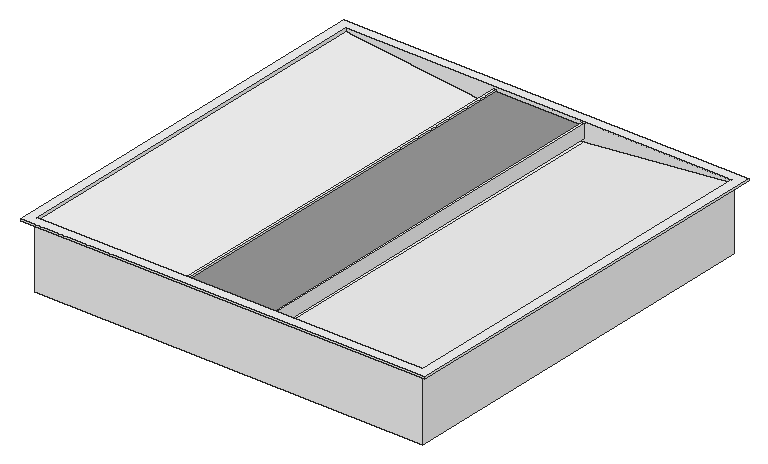
Revit family "2069270 Feilo Sylvania Lighting Fixture OFFICELYTE 600 HE 4K SSC01", category Lighting Fixtures, host Face, Revit 2017
Family settings
  Host = Face
  Round Connector Dimension = Use Diameter
  Part Type = Normal
  OmniClass Number = 23.80.70.11.17
  OmniClass Title = Specialized Lighting by Location or Use
  Cut with Voids When Loaded = No
  Light Source = Yes
  Shared = No
  Room Calculation Point = No
Parameters (values of type "2069270 OFFICELYTE 600 HE 4K SSC01")
  Width = 595.0 mm
  Weight = 5.90 kg
  Wattage = 25 W
  built-in parameter 1150110 = 1 (stored number, unit not read)
  Voltage Comments = "UNV (Universal Voltage; 230-240 Volt)"  # constant formula
  Voltage = 230 V  # constant formula
  URL = "http://www.sylvania-lighting.com"
  built-in parameter 1114217 = 1 (stored number, unit not read)
  Tilt Angle = 90.00°
  built-in parameter 1150109 = 1 (stored number, unit not read)
  built-in parameter 1150134 = 12
  built-in parameter 1150113 = 1 (stored number, unit not read)
  Product Page URL = "http://www.sylvania-lighting.com/product/en-int/products/2069270"
  Product Family = "OFFICELYTE LP LED"  # constant formula
  Photometry Comments = ""
  Photometric Web File = "2069270.ies"
  Life = "50 000 h"  # constant formula
  Length = Width  # 595.0 mm
  LOR = "100 %"
  Keynote = "16500"
  IP Rating = "IP40"  # constant formula
  IK Rating = "IK02"  # constant formula
  Glow Wire Test = 650 °C  # constant formula
  Glare Control = "UGR <19"  # constant formula
  Electrical Protection = "CLASS I"  # constant formula
  Diffuser Material = Acrylic_Sylvania_Officelyte LP LED_Satin_4000K
  Height = 95.0 mm
  built-in parameter 1114216 [instance] = 1 (stored number, unit not read)
  Model = "OFFICELYTE 600 HE 4K SSC01"
  Manufacturer = "Havells-Sylvania Group"  # constant formula
  built-in parameter 1150105 = 1683.2 (stored number, unit not read)
  Lumens = 3550 lm
  built-in parameter 1150115 = 1 (stored number, unit not read)
  built-in parameter 1150137 = (empty or 0)
  built-in parameter 1150139 = (empty or 0)
  built-in parameter 1150112 = 1 (stored number, unit not read)
  built-in parameter 1150114 = 1 (stored number, unit not read)
  Lamp = "LED"
  built-in parameter 1150132 = 2
  built-in parameter 1150102 = (empty or 0)
  built-in parameter 1150107 = 4000 (stored number, unit not read)
  built-in parameter 1150138 = (empty or 0)
  built-in parameter 1150106 = 16.832 (stored number, unit not read)
  Reflector Material = Steel_Sylvania_Officelyte LP LED_White_RAL 9016
  Emit from Rectangle Width = Width - 31.0 mm  # 564.0 mm
  Emit from Rectangle Length = Length - 31.0 mm  # 564.0 mm
  Emit Shape Visible in Rendering = no
  built-in parameter 1150104 = 13.192 (stored number, unit not read)
  Dimming Lamp Color Temperature Shift = <None>
  CRI ( Ra ) = 85
  Body Material = Steel_Sylvania_Officelyte LP LED_White_RAL 9016
  Description = "The Concord OFFICELYTE LP LED HO 4K 600 is a high efficient luminaire for Office, education, meeting rooms. With efficacy of 95lm/W, at 4549lm, CRI of 85 and a very low glare ratio according to EN12464."  # constant formula
  Default Elevation = 0.0 mm
  Color Filter = 16777215
  Catalog Number = "2064456 OFFICELYTE LP LED HE 4K 600"
  built-in parameter 1140040 [instance] = 1
  built-in parameter 1114218 = 1 (stored number, unit not read)
  built-in parameter 1150133 = 10 (stored number, unit not read)
  Assembly Code = "D5020200"
  Apparent Load Comments = ""
  Apparent Load = 25 VA
Reference planes
  plane 1 "Center (Front/Back)": y = 0
  plane 2: z = 0
  plane 3 "Center (Left/Right)": x = 0
  plane 4 "Fixture Bottom": z = 3
  plane 5 "Fixture Right": x = 297.5
  plane 6 "Profile Right": x = 284
  plane 7 "Profile Left": x = -284
  plane 8 "Fixture Left": x = -297.5
  plane 9 "Profile Back": y = 284
  plane 10 "Fixture Back": y = 297.5
  plane 11 "Fixture Front": y = -297.5
  plane 12: z = -25
  plane 13 "Box Right": x = 286
  plane 14 "Box Left": x = -286
  plane 15 "Box Back": y = 286
  plane 16 "Box Front": y = -286
  plane 17: x = 66.5
  plane 18: x = -66.5
  plane 19 "Difuser Right": x = 63.5
  plane 20 "Difuser Left": x = -63.5
  plane 21: z = -2
  plane 22: z = -4
  plane 23 "Profile Front": y = -284
  plane 24 "Fixture Top": z = -95
  plane 25 "Box Thickness": z = -93
  plane 26: z = -20
Forms (mm)
  Extrusion 1, void
    sketch origin (0, 0, 59) x (-1, 0, 0) y (0, -1, 0)
      loop
        line (-286, -286) -> (286, -286) -> (286, 286) -> (-286, 286) -> (-286, -286)
    from -152 to -56
  Extrusion 2, solid, material "Steel_Sylvania_Officelyte LP LED_White_RAL 9016" <- "Reflector Material", detail levels fine
    sketch origin (20, 0, 59) x (-1, 0, 0) y (0, -1, 0)
      loop
        line (-277.5, -297.5) -> (317.5, -297.5) -> (317.5, 297.5) -> (-277.5, 297.5) -> (-277.5, -297.5)
      loop
        line (304, -284) -> (304, 284) -> (-264, 284) -> (-264, -284) -> (304, -284)
    from -59 to -56
  Extrusion 3, solid, material "Steel_Sylvania_Officelyte LP LED_White_RAL 9016" <- "Reflector Material", detail levels fine
    sketch origin (0, 0, 0) x (1, 0, 0) y (0, 0, 1)
      loop
        arc (-65.868, -23.244) -> (-175.523, -17.552) -> (-284, -0.537) r 1059.086
        line (-284, -0.537) -> (-284, -2.581)
        arc (-284, -2.581) -> (-175.521, -19.563) -> (-65.868, -25.244) r 1061.086
        line (-65.868, -25.244) -> (65.87, -25.244)
        arc (65.87, -25.244) -> (175.522, -19.563) -> (284, -2.581) r 1061.094
        line (284, -2.581) -> (284, -0.538)
        arc (284, -0.538) -> (175.524, -17.552) -> (65.87, -23.244) r 1059.094
        line (65.87, -23.244) -> (-65.868, -23.244)
    from -284 to 284
  Extrusion 4, solid, material "Steel_Sylvania_Officelyte LP LED_White_RAL 9016" <- "Reflector Material", detail levels fine
    sketch origin (0, 0, 59) x (-1, 0, 0) y (0, -1, 0)
      loop
        line (284, -284) -> (284, 284) -> (-284, 284) -> (-284, -284) -> (284, -284)
      loop
        line (286, -286) -> (286, 286) -> (-286, 286) -> (-286, -286) -> (286, -286)
    from -152 to -59
  Extrusion 5, solid, material "Steel_Sylvania_Officelyte LP LED_White_RAL 9016" <- "Reflector Material", detail levels fine
    sketch origin (0, 0, 59) x (-1, 0, 0) y (0, -1, 0)
      loop
        line (66.5, -284) -> (66.5, 284) -> (63.5, 284) -> (63.5, -284) -> (66.5, -284)
      loop
        line (-66.5, 284) -> (-66.5, -284) -> (-63.5, -284) -> (-63.5, 284) -> (-66.5, 284)
    from -79 to -59
  Extrusion 6, solid, material "Acrylic_Sylvania_Officelyte LP LED_Satin_4000K" <- "Diffuser Material", detail levels fine
    sketch origin (0, 0, -581) x (-1, 0, 0) y (0, -1, 0)
      loop
        line (-63.5, -284) -> (63.5, -284) -> (63.5, 284) -> (-63.5, 284) -> (-63.5, -284)
    from 577 to 579
  Extrusion 7, solid, material "Steel_Sylvania_Officelyte LP LED_White_RAL 9016" <- "Body Material", detail levels coarse+medium
    sketch origin (0, 0, 59) x (-1, 0, 0) y (0, -1, 0)
      loop
        line (297.5, -297.5) -> (297.5, 297.5) -> (-297.5, 297.5) -> (-297.5, -297.5) -> (297.5, -297.5)
    from -59 to -56
  Extrusion 8, solid, material "Steel_Sylvania_Officelyte LP LED_White_RAL 9016" <- "Body Material", detail levels coarse+medium
    sketch origin (0, 0, -501) x (-1, 0, 0) y (0, -1, 0)
      loop
        line (286, -286) -> (286, 286) -> (-286, 286) -> (-286, -286) -> (286, -286)
    from 406 to 501
  Extrusion 9, solid, material "Steel_Sylvania_Officelyte LP LED_White_RAL 9016" <- "Reflector Material", detail levels fine
    sketch origin (0, 0, 59) x (-1, 0, 0) y (0, -1, 0)
      loop
        line (-286, -286) -> (286, -286) -> (286, 286) -> (-286, 286) -> (-286, -286)
    from -154 to -152
Cuts and joins
  joined: Extrusion 2, Extrusion 4, Extrusion 9
  joined: Extrusion 3, Extrusion 5
Lines and regions (mm)
  symbolic lines
    curve 1: line (-297.5, 297.5, 59) -> (297.5, 297.5, 59)
    curve 2: line (-297.5, -297.5, 59) -> (-297.5, 297.5, 59)
    curve 3: line (297.5, -297.5, 59) -> (-297.5, -297.5, 59)
    curve 4: line (297.5, 297.5, 59) -> (297.5, -297.5, 59)
Dimensions and locks
  "Height": host face to plane 24 "Fixture Top"
  locked: plane 25 "Box Thickness" to plane 24 "Fixture Top" at 2
  "Width": plane 10 "Fixture Back" to plane 11 "Fixture Front"
  "Length": plane 8 "Fixture Left" to plane 5 "Fixture Right"
  equal spacing: plane 10 "Fixture Back", plane 1 "Center (Front/Back)", plane 11 "Fixture Front"
  equal spacing: plane 8 "Fixture Left", plane 3 "Center (Left/Right)", plane 5 "Fixture Right"
  locked: plane 18 to plane 20 "Difuser Left" at 3
  locked: plane 19 "Difuser Right" to plane 17 at 3
  plane 8 "Fixture Left" to plane 14 "Box Left" to plane 7 "Profile Left" = 11.5 mm locked, 2.0 mm locked
  plane 10 "Fixture Back" to plane 15 "Box Back" to plane 9 "Profile Back" = 11.5 mm locked, 2.0 mm locked
  plane 6 "Profile Right" to plane 13 "Box Right" to plane 5 "Fixture Right" = 2.0 mm locked, 11.5 mm locked
  plane 23 "Profile Front" to plane 16 "Box Front" to plane 11 "Fixture Front" = 2.0 mm locked, 11.5 mm locked
  plane 4 "Fixture Bottom" to plane 2 to plane 21 to plane 22 to plane 12 = 3.0 mm locked, 2.0 mm locked, 2.0 mm locked, 21.0 mm locked
  aligned and locked: plane 2 to host face
  aligned and locked: level to host face
  aligned and locked: plane 1 "Center (Front/Back)" to imposter light
  aligned and locked: plane 10 "Fixture Back" to Extrusion 2
  aligned and locked: plane 8 "Fixture Left" to Extrusion 2
  aligned and locked: Extrusion 2 to plane 7 "Profile Left"
  aligned and locked: Extrusion 2 to plane 5 "Fixture Right"
  aligned and locked: plane 6 "Profile Right" to Extrusion 2
  aligned and locked: Extrusion 2 to plane 11 "Fixture Front"
  aligned and locked: plane 4 "Fixture Bottom" to Extrusion 2
  aligned and locked: plane 18 to Extrusion 5 sketch curve
  aligned and locked: Extrusion 5 sketch curve to plane 17
  aligned and locked: plane 19 "Difuser Right" to Extrusion 5 sketch curve
  aligned and locked: Extrusion 5 sketch curve to plane 20 "Difuser Left"
  aligned and locked: plane 19 "Difuser Right" to Extrusion 6 sketch curve
  aligned and locked: Extrusion 6 sketch curve to plane 20 "Difuser Left"
  aligned and locked: plane 21 to Extrusion 6
  aligned and locked: Extrusion 6 to plane 22
  aligned and locked: Extrusion 7 sketch curve to plane 10 "Fixture Back"
  aligned and locked: plane 5 "Fixture Right" to Extrusion 7 sketch curve
  aligned and locked: plane 11 "Fixture Front" to Extrusion 7 sketch curve
  aligned and locked: Extrusion 7 sketch curve to plane 8 "Fixture Left"
  aligned and locked: plane 4 "Fixture Bottom" to Extrusion 7
  aligned and locked: Extrusion 8 to plane 24 "Fixture Top"
  aligned and locked: level to Extrusion 8
  aligned and locked: plane 5 "Fixture Right" to curve 4
  aligned and locked: curve 1 to plane 10 "Fixture Back"
  aligned and locked: curve 2 to plane 8 "Fixture Left"
  aligned and locked: plane 11 "Fixture Front" to curve 3
  aligned and locked: plane 9 "Profile Back" to Extrusion 4
  aligned and locked: Extrusion 4 sketch curve to plane 9 "Profile Back"
  aligned and locked: Extrusion 4 to Extrusion 1
  aligned and locked: imposter light to Extrusion 1
  aligned and locked: Extrusion 9 to plane 24 "Fixture Top"
  aligned and locked: plane 25 "Box Thickness" to Extrusion 9
  aligned and locked: cut or joined group of Extrusion 2, Extrusion 4, Extrusion 9 to plane 25 "Box Thickness"
  aligned and locked: Extrusion 4 sketch curve to plane 13 "Box Right"
  aligned and locked: plane 15 "Box Back" to Extrusion 4 sketch curve
  aligned and locked: Extrusion 4 sketch curve to plane 14 "Box Left"
  aligned and locked: plane 16 "Box Front" to Extrusion 4 sketch curve
  aligned and locked: Extrusion 9 sketch curve to plane 16 "Box Front"
  aligned and locked: plane 13 "Box Right" to Extrusion 9 sketch curve
  aligned and locked: Extrusion 9 sketch curve to plane 15 "Box Back"
  aligned and locked: Extrusion 9 sketch curve to plane 14 "Box Left"
  aligned and locked: plane 7 "Profile Left" to cut or joined group of Extrusion 3, Extrusion 5
  aligned and locked: cut or joined group of Extrusion 3, Extrusion 5 to plane 6 "Profile Right"
  aligned and locked: plane 9 "Profile Back" to cut or joined group of Extrusion 3, Extrusion 5
  aligned and locked: cut or joined group of Extrusion 3, Extrusion 5 to plane 23 "Profile Front"
  aligned and locked: plane 23 "Profile Front" to Extrusion 5 sketch curve
  aligned and locked: Extrusion 5 sketch curve to plane 9 "Profile Back"
  aligned and locked: Extrusion 8 sketch curve to plane 13 "Box Right"
  aligned and locked: plane 15 "Box Back" to Extrusion 8 sketch curve
  aligned and locked: plane 16 "Box Front" to Extrusion 8 sketch curve
  aligned and locked: plane 14 "Box Left" to Extrusion 8 sketch curve
  aligned and locked: Extrusion 1 sketch curve to Extrusion 8  (x4)
  aligned and locked: Extrusion 6 sketch curve to plane 23 "Profile Front"
  aligned and locked: plane 9 "Profile Back" to Extrusion 6 sketch curve
  aligned and locked: cut or joined group of Extrusion 3, Extrusion 5 to plane 26
  aligned and locked: plane 4 "Fixture Bottom" to imposter light
Automatic sketch dimensions
  host sketch curve to host sketch curve = 1305.563 mm
  host sketch curve to host sketch curve = 1414.187 mm
  Extrusion 2 sketch curve to plane 5 "Fixture Right" = 0.0 mm
  Extrusion 2 sketch curve to plane 6 "Profile Right" = 0.0 mm
  Extrusion 2 sketch curve to plane 7 "Profile Left" = 0.0 mm
  Extrusion 2 sketch curve to plane 8 "Fixture Left" = 0.0 mm
  Extrusion 2 sketch curve to plane 10 "Fixture Back" = 0.0 mm
  plane 9 "Profile Back" to Extrusion 2 sketch curve = 0.0 mm
  Extrusion 2 sketch curve to plane 23 "Profile Front" = 0.0 mm
  Extrusion 2 sketch curve to plane 11 "Fixture Front" = 0.0 mm
  Extrusion 3 sketch curve to Extrusion 3 sketch curve = 0.0 mm  (x2)
  Extrusion 3 sketch curve to Extrusion 3 sketch curve = 0.001 mm  (x2)
  Extrusion 3 sketch curve to level = 0.537 mm
  plane 14 "Box Left" to Extrusion 3 sketch curve = 2.0 mm
  Extrusion 3 sketch curve to plane 12 = 0.244 mm
  plane 18 to Extrusion 3 sketch curve = 0.632 mm
  Extrusion 3 sketch curve to plane 17 = 0.63 mm
  Extrusion 3 sketch curve to level = 0.538 mm
  Extrusion 3 sketch curve to plane 13 "Box Right" = 2.0 mm
  Extrusion 3 sketch curve to level = 23.244 mm
  Extrusion 4 sketch curve to plane 6 "Profile Right" = 0.0 mm
  Extrusion 4 sketch curve to plane 7 "Profile Left" = 0.0 mm
  Extrusion 4 sketch curve to plane 23 "Profile Front" = 0.0 mm
  Extrusion 5 sketch curve to plane 9 "Profile Back" = 0.0 mm
  Extrusion 5 sketch curve to plane 23 "Profile Front" = 0.0 mm
Connectors
  electrical at (0, 0, -95), driven by "Voltage", driven by "Apparent Load"
    settings: on Extrusion 8, index 1, voltage 230 V, apparent load 0 VA, apparent load phase1 25 VA, apparent load phase2 0 VA, apparent load phase3 0 VA, power factor 1, load classification "Lighting", number of poles 1, system type 31, power factor state 1, is connector primary yes, connector utility no, sub classification motor no, connector description ""
